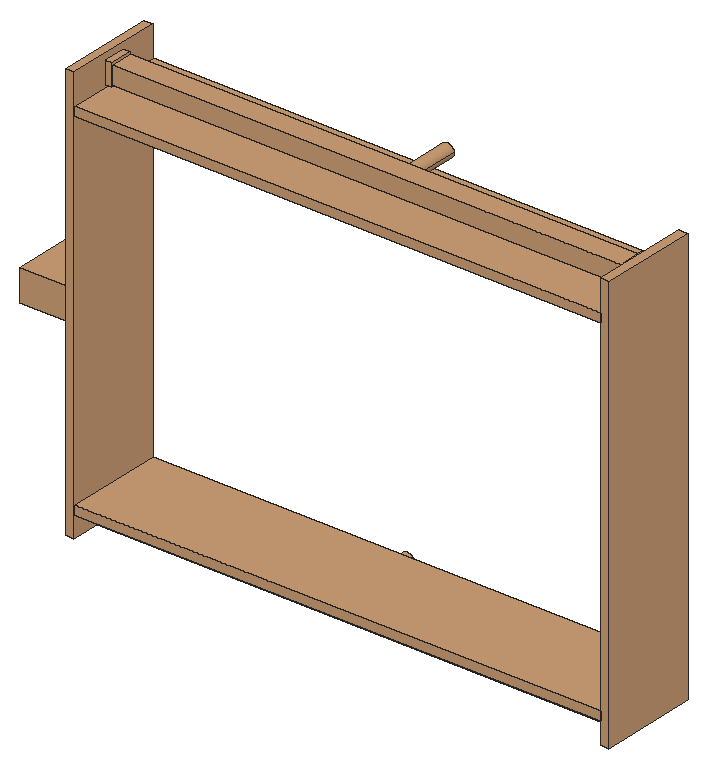
Revit family
Parameters
  Center Of Unit = 0' - 0"  # constant formula
  Water Pressure Drop [instance] = 0.00 psi
  Water Flow [instance] = 0 GPM
  Unit Weight (lbs) = 1303
  URL = "http://www.ljwing.com/"
  Water Outlet Radius = 0' - 1 1/2"
  Water Outlet Odd sizes = 0' - 5 23/64"
  Total Heating Capacity [instance] = 0.0 Btu/h
  Temperature Rise [instance] = 0 °F
  Series = "VIFB"
  Outlet Area = 63.80 SF
  Number of Rows = 1  # constant formula
  Number of Coils [instance] = 0
  Nominal Length = 10' - 1 29/32"
  Model = "VE-11"
  Manufacturer = "LJ Wing"
  Leaving Water Temperature [instance] = 0 °F
  Leaving Air Temperature [instance] = 0 °F
  Face Velocity (FPM) [instance] = 0
  Entering Water Temperature [instance] = 0 °F
  Entering Air Temperature [instance] = 0 °F
  Description = "Vertical Integral Face & Bypass Water Heating Coils"
  Hot Water Odd Sizes = 0' - 5 23/64"
  Hot Water Inlet Offset = 0' - 4 3/8"  # constant formula
  Hot Water Inlet  Radius = 0' - 1 1/2"
  Coil Face Area = Outlet Area * 0.56  # 35.728 SF
  Casing Material = ""
  Assembly Code = "D3020300"
  Air Pressure Drop [instance] = 0.00 in-wg
  Air Inlet Width = Nominal Length - 0' 4"  # 9' - 9 29/32"
  Air Inlet Height = Y  # 6' - 6"
  Air Flow [instance] = 0 CFM
  Z = 0' - 2 1/8"
  Y = 6' - 6"
  S = 0' - 6 13/16"
  Product URL = "http://www.ljwing.com/html/vifb.asp"
  OmniClass = "23-75 70 21 14"
  Nominal Height = 7' - 9 11/16"
  Nominal Depth = 1' - 10"
  R = 0' - 8 7/8"
  Q = 0' - 3 61/64"
  P = 0' - 3 3/4"
  L = 0' - 3"
Reference planes (in)
  plane 1 "Center (Front/Back)": y = 0
  plane 2: z = -39
  plane 3 "Center (Left/Right)": x = 0
  plane 4: z = 47.875
  plane 5: x = -60.95312
  plane 6: x = 60.95313
  plane 7: z = -45.8125
  plane 8: z = 0
  plane 9: y = -11
  plane 10: y = 11
  plane 11: z = 39
  plane 12: z = 41
  plane 13: z = -41
  plane 14: x = 58.95313
  plane 15: x = -58.95313
  plane 16: z = 44.125
  plane 17: z = -42.8125
  plane 18: x = -57
  plane 19: x = 57
  plane 20: y = 13.125
  plane 21: y = 15.375
  plane 22: x = -71.95313
  plane 23: x = 5.35938
  plane 24: x = -5.35937
  plane 25: z = 46.125
  plane 26: z = 42.125
  plane 27: y = -2.5
  plane 28: y = 2.5
  plane 29: y = -4.5
Forms (in)
  Extrusion 1, solid, material "Painted Finish"
    sketch origin (0, 6, -9.75) x (1, 0, 0) y (0, 0, 1)
      loop
        line (-60.95312, -36.0625) -> (-58.95313, -36.0625) -> (-58.95313, 57.625) -> (-60.95312, 57.625) -> (-60.95312, -36.0625)
      loop
        line (60.95313, -36.0625) -> (60.95313, 57.625) -> (58.95313, 57.625) -> (58.95313, -36.0625) -> (60.95313, -36.0625)
    from -5 to 17
  Extrusion 2, solid, material "Painted Finish"
    sketch origin (0, 6, 0) x (1, 0, 0) y (0, 0, 1)
      loop
        line (58.95313, -39) -> (-58.95313, -39) -> (-58.95313, -41) -> (58.95313, -41) -> (58.95313, -39)
      loop
        line (58.95313, 39) -> (58.95313, 41) -> (-58.95313, 41) -> (-58.95313, 39) -> (58.95313, 39)
    from -5 to 17
  Extrusion 3, solid, material "Painted Finish"
    sketch origin (0, 10, -0.5) x (1, 0, 0) y (0, 0, 1)
      loop
        line (-60.95312, 4) -> (-71.95313, 4) -> (-71.95313, -3) -> (-60.95312, -3) -> (-60.95312, 4)
    from 0 to 20
  Extrusion 4, solid, material "Painted Finish"
    sketch origin (0, 6, 0) x (1, 0, 0) y (0, 0, 1)
      loop
        line (-57.32813, 46.125) -> (-57.32813, 42.125) -> (57.32813, 42.125) -> (57.32813, 46.125) -> (-57.32813, 46.125)
    from 3.5 to 8.5
  Extrusion 5, solid, material "Painted Finish"
    sketch origin (0, 0, 0) x (1, 0, 0) y (0, 0, 1)
      loop
        line (-57.32813, 41.625) -> (-57.32813, 46.625) -> (-58.95313, 46.625) -> (-58.95313, 41.625) -> (-57.32813, 41.625)
      loop
        line (58.95313, 41.625) -> (58.95313, 46.625) -> (57.32813, 46.625) -> (57.32813, 41.625) -> (58.95313, 41.625)
    from -2.5 to 2.5
  Extrusion 6, solid, material "Painted Finish"
    sketch origin (0, 23, 0) x (1, 0, 0) y (0, 0, 1)
      loop
        circle (5.35938, 44.125) r 1.5
    from 9.875 to 20.5
  Extrusion 7, solid, material "Painted Finish"
    sketch origin (0, 6, 0) x (1, 0, 0) y (0, 0, 1)
      loop
        line (-58.95313, -41) -> (-58.95313, -45.8125) -> (58.95313, -45.8125) -> (58.95313, -41) -> (-58.95313, -41)
    from -5 to 10.5
  Extrusion 8, solid, material "Painted Finish"
    sketch origin (0, 23, 0) x (1, 0, 0) y (0, 0, 1)
      loop
        circle (-5.35937, -42.8125) r 1.5
    from 7.625 to 12
  Extrusion 9, void
    sketch origin (0, 0, 0) x (1, 0, 0) y (0, 0, 1)
      loop
        line (-58.95313, 39) -> (-58.95313, -39) -> (58.95313, -39) -> (58.95313, 39) -> (-58.95313, 39)
    from -11 to 11
Cuts and joins
  Extrusion 9 cuts Extrusion 1
  Extrusion 9 cuts Extrusion 2
Dimensions and locks (in)
  "Nominal Length": plane 6 to plane 5
  equal spacing: plane 6, plane 3 "Center (Left/Right)", plane 5
  "S": plane 2 to plane 7
  "Nominal Depth": plane 10 to plane 9
  equal spacing: plane 10, plane 1 "Center (Front/Back)", plane 9
  "Y": plane 11 to plane 2
  "R": plane 4 to plane 11
  locked: plane 12 to plane 11 at 2
  locked: plane 2 to plane 13 at 2
  "P": plane 4 to plane 16
  "L": plane 17 to plane 7
  "Q": plane 18 to plane 5
  "Q": plane 6 to plane 19
  "Z": plane 20 to plane 10
  "Hot Water Inlet Offset": plane 21 to plane 10
  locked: plane 5 to plane 22 at 11
  locked: Extrusion 3 sketch curve to Extrusion 3 sketch curve at 7
  locked: Extrusion 3 to Extrusion 3 at 20
  locked: plane 6 to plane 14 at 2
  locked: plane 15 to plane 5 at 2
  "Water Outlet Odd sizes": plane 23 to plane 3 "Center (Left/Right)"
  "Hot Water Odd Sizes": plane 3 "Center (Left/Right)" to plane 24
  equal spacing: plane 25, plane 16, plane 26
  locked: Extrusion 5 sketch curve to plane 25 at 0.5
  locked: plane 26 to Extrusion 5 sketch curve at 0.5
  locked: Extrusion 6 sketch curve to plane 16 at 0
  locked: Extrusion 6 sketch curve to plane 23 at 0
  locked: Extrusion 8 sketch curve to plane 17 at 0
  locked: Extrusion 8 sketch curve to plane 24 at 0
  locked: plane 25 to plane 26 at 4
  locked: plane 28 to plane 27 at 5
  equal spacing: plane 28, plane 1 "Center (Front/Back)", plane 27
  locked: plane 27 to plane 29 at 2
  plane 4 to plane 7 = 7' - 9 11/16"
  locked: Extrusion 5 sketch curve to Extrusion 1 at 1.625
  locked: Extrusion 5 sketch curve to Extrusion 5 sketch curve at 1.625
  locked: Extrusion 9 sketch curve to plane 11 at 0
  locked: Extrusion 9 sketch curve to plane 15 at 0
  locked: Extrusion 9 sketch curve to plane 14 at 0
  locked: Extrusion 9 sketch curve to plane 2 at 0
  equal spacing: plane 11, plane 8, plane 2
  "Water Outlet Radius": radius of Extrusion 6 sketch curve
  "Hot Water Inlet  Radius": radius of Extrusion 8 sketch curve
  aligned and locked: Extrusion 1 to plane 9
  aligned and locked: Extrusion 1 to plane 10
  aligned and locked: Extrusion 1 to plane 15
  aligned and locked: Extrusion 1 to plane 14
  aligned and locked: Extrusion 2 to plane 9
  aligned and locked: plane 9 to Extrusion 1
  aligned and locked: plane 10 to Extrusion 1  (x2)
  aligned and locked: Extrusion 2 to plane 10
  aligned and locked: plane 10 to Extrusion 2  (x2)
  aligned and locked: plane 9 to Extrusion 2  (x2)
  aligned and locked: plane 5 to Extrusion 3
  aligned and locked: Extrusion 5 sketch curve to plane 15
  aligned and locked: Extrusion 5 sketch curve to Extrusion 4
  aligned and locked: Extrusion 6 to plane 20
  aligned and locked: Extrusion 1 to Extrusion 7
  aligned and locked: Extrusion 8 to plane 10
  aligned and locked: plane 21 to Extrusion 8
  aligned and locked: plane 27 to Extrusion 5
  aligned and locked: Extrusion 5 to Extrusion 4  (x2)
  aligned and locked: Extrusion 5 to plane 28
  aligned and locked: Extrusion 6 to Extrusion 4
  aligned and locked: Extrusion 7 to plane 29  (x2)
  aligned and locked: Extrusion 8 to Extrusion 7
  aligned and locked: Extrusion 4 to Extrusion 5  (x2)
  aligned and locked: Extrusion 5 to Extrusion 1  (x2)
  aligned and locked: plane 2 to Extrusion 2
  aligned and locked: Extrusion 1 sketch curve to plane 6
  aligned and locked: Extrusion 1 sketch curve to plane 14
  aligned and locked: Extrusion 1 sketch curve to plane 15
  aligned and locked: Extrusion 1 sketch curve to plane 5
  aligned and locked: plane 7 to Extrusion 1 sketch curve
  aligned and locked: Extrusion 1 sketch curve to plane 7
  aligned and locked: Extrusion 1 sketch curve to plane 4  (x2)
  aligned and locked: Extrusion 2 sketch curve to plane 11
  aligned and locked: Extrusion 2 sketch curve to plane 12
  aligned and locked: Extrusion 2 sketch curve to plane 14
  aligned and locked: Extrusion 2 sketch curve to plane 15
  aligned and locked: Extrusion 2 sketch curve to plane 13
  aligned and locked: plane 2 to Extrusion 2 sketch curve
  aligned and locked: plane 14 to Extrusion 2 sketch curve
  aligned and locked: plane 15 to Extrusion 2 sketch curve
  aligned and locked: plane 13 to Extrusion 7 sketch curve
  aligned and locked: Extrusion 7 sketch curve to plane 7
  aligned and locked: plane 14 to Extrusion 7 sketch curve
  aligned and locked: Extrusion 7 sketch curve to plane 15
  aligned and locked: cut or joined group of Extrusion 1, Extrusion 9 to plane 10
  aligned and locked: Extrusion 8 to plane 21
Automatic sketch dimensions
  Extrusion 3 sketch curve to plane 22 = 0' - 0"
  Extrusion 3 sketch curve to plane 5 = 0' - 0"
  plane 8 to Extrusion 3 sketch curve = 0' - 3 1/2"
  Extrusion 4 sketch curve to plane 25 = 0' - 0"
  Extrusion 4 sketch curve to plane 26 = 0' - 0"
  Extrusion 4 sketch curve to plane 18 = 0' - 0 21/64"
  plane 19 to Extrusion 4 sketch curve = 0' - 0 21/64"
  plane 26 to Extrusion 5 sketch curve = 0' - 0 1/2"
  Extrusion 5 sketch curve to plane 25 = 0' - 0 1/2"
Connectors (in)
  hvac at (0, -11, 0), driven by "Air Inlet Height", driven by "Air Inlet Width", driven by "Air Flow", driven by "Air Pressure Drop"
    settings: on Extrusion 9, index 1
  hvac at (0, 11, 0), driven by "Air Pressure Drop", driven by "Air Inlet Height", driven by "Air Inlet Width", driven by "Air Flow"
    settings: on Extrusion 9, index 2
  piping at (5.35938, 13.125, 44.125), driven by "Water Flow", driven by "Water Outlet Radius", driven by "Water Pressure Drop"
    settings: on Extrusion 6, index 3
  piping at (-5.35937, 15.375, -42.8125), driven by "Water Flow", driven by "Water Pressure Drop", driven by "Hot Water Inlet  Radius"
    settings: on Extrusion 8, index 4
